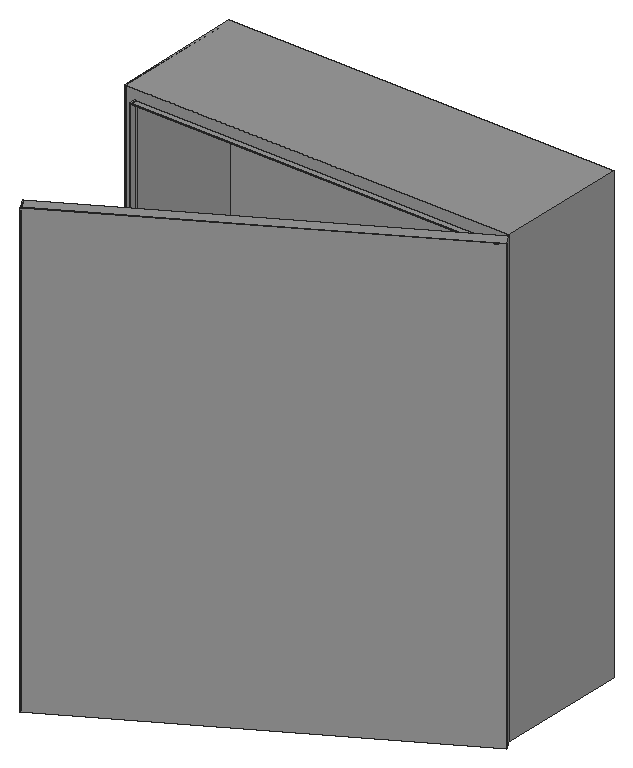
Revit family "Hager-Univers-IP54-D205-H650-Cl.I-Encl-NoHosted-AT-de", category Equipement électrique, Revit 2020
Family settings
  Configuration du panneau = Deux colonnes, circuits au sein
  Cote de connecteur circulaire = Utiliser le diamètre
  Type d'élément = Tableau de raccordement
  Basée sur le plan de construction = Oui
  Toujours verticalement = Oui
  Couper avec des vides une fois chargée = Non
  Partagée = Non
  Point de calcul de pièce = Non
Parameters (values of type "Aufputz IP54 B550 H650 T205  - FP42TW2")
  Width Control [instance] = if([EF000008 - Breite] > Min Width, [EF000008 - Breite], Min Width)  # 550 mm
  Commentaires du type = [HG000003 - Bereich]  # "Univers"
  Thickness Door [instance] = if([EF009171 - Materialstärke Tür/Deckel] > 3 mm, 3 mm, [EF009171 - Materialstärke Tür/Deckel])  # 1 mm
  Seal Frame Offset [instance] = 17 mm  # constant formula
  Plinth Visibility [instance] = [HG000027 - Sockelhöhe] > 0 mm  # no
  Min Width [instance] = 100 mm  # constant formula
  Min Depth [instance] = (2 * [EF009170 - Materialstärke Gehäuse]) + 1 mm  # 3 mm
  Min Height [instance] = 100 mm  # constant formula
  Internal Frame Depth [instance] = (Door System Depth * 0.5)  # 9 mm
  Panel Name [instance] = ""  # (empty or 0)
  Model = ""
  HG000027 - Sockelhöhe = 0 mm
  HG000026 - Stehend auf dem Boden = no
  HG000024 - Höhe des unteren Teils = 600 mm
  HG000023 - Gehäuse mit doppeltem Querschnitt = no
  HG000016 - 3D-Türsichtbarkeit [instance] = yes
  HG000015 - Sichtbarkeit der Türöffnung [instance] = no
  HG000014 - Tür rechts [instance] = yes
  HG000013 - Tür links [instance] = not([HG000014 - Tür rechts])  # no
  HG000012 - Türschwenkwinkel [instance] = 30.00°
  HG000010 - Asymmetrische Türen = no
  HG000009 - Doppelflügeligen Tür = no
  HG000006 - Unterputz = no
  HG000004 - Herstellerreferenz = "FP42TW2"
  HG000003 - Bereich = "Univers"
  HG000002 - Mit tür = yes
  Frame Offset Bottom [instance] = 10 mm  # constant formula
  Frame Offset [instance] = 15 mm  # constant formula
  EF015940 - Deckel mit Überdruckentlastung = no
  EF011959 - Schutzart (NEMA) = ""
  EF009554 - Anzahl der Öffnungen für Flanschplatten = 4
  EF009212 - Ausführung Deckel = "EV000116 - geschlossen"
  EF009171 - Materialstärke Tür/Deckel = 1 mm
  EF009170 - Materialstärke Gehäuse = 1 mm
  EF008873 - Nennstrom (In) = 250 A
  EF007800 - Geeignet für Blitzschutz = no
  EF006306 - Mit Schloss = no
  EF006244 - Transparenter Deckel/Tür = no
  EF005474 - Schutzart (IP) = "EV006419 - IP54"
  EF004464 - Art der Tür = "EV002646 - Einzel"
  EF004427 - Anzahl der Module = 96
  EF004293 - Schlagfestigkeit = "EV006815 - IK09"
  EF003532 - Geeignet für Außengebrauch = no
  EF002950 - Breite in Teilungseinheiten = 24
  EF001613 - Funktionserhalt = "EV000494 - ohne"
  EF001596 - Werkstoff des Gehäuses = "EV000179 - Stahl"
  EF001131 - Innentiefe = 205 mm
  EF001088 - Anbaumöglichkeit = yes
  EF000437 - Anzahl der Leitungseinführungen = 4
  EF000339 - Art der Abdeckung = "EV001012 - Deckel"
  EF000266 - Anzahl der Reihen = 4
  EF000218 - Einbautiefe = 205 mm
  EF000118 - Mit Montageplatte = no
  EF000116 - RAL-Nummer = "9010"
  EF000049 - Tiefe = 205 mm
  EF000040 - Höhe = 650 mm
  EF000008 - Breite = 550 mm
  EF000007 - Farbe = "EV000202 - weiß"
  EF000003 - Montageart = "EV000384 - Aufputz"
  Door System Leaf Tolerance [instance] = 1.5 mm  # constant formula
  Door System Depth [instance] = 18 mm  # constant formula
  Door Height [instance] = Height Control - [HG000027 - Sockelhöhe]  # 650 mm
  Description = ""
  Default Elevation = 1219.2 mm
  Connector Offset [instance] = Height Control / 2  # 325 mm
  Fabricant = "Hager"  # constant formula
  Height Control [instance] = if([EF000040 - Höhe] > Min Height, [EF000040 - Höhe], Min Height)  # 650 mm
  Depth Control [instance] = if([EF000049 - Tiefe] > Min Depth, [EF000049 - Tiefe], Min Depth)  # 205 mm
  Bottom Top Plate Trim [instance] = 1.5 mm  # constant formula
  Plinth height Ctrl [instance] = if([HG000027 - Sockelhöhe] > 0 mm, [HG000027 - Sockelhöhe], 12 mm)  # 12 mm
Types (3, lengths in mm): name | Width Control | HG000004 - Herstellerreferenz | EF009554 - Anzahl der Öffnungen für Flanschplatten | EF004464 - Art der Tür | EF004427 - Anzahl der Module | EF002950 - Breite in Teilungseinheiten | EF000437 - Anzahl der Leitungseinführungen | EF000008 - Breite
  Aufputz IP54 B1050 H650 T205  - FP44TW2 | 1050 | "FP44TW2" | 8 | "EV003602 - Doppel" | 192 | 48 | 8 | 1050
  Aufputz IP54 B1300 H650 T205  - FP45TW2 | 1300 | "FP45TW2" | 10 | "EV003602 - Doppel" | 240 | 60 | 10 | 1300
  Aufputz IP54 B550 H650 T205  - FP42TW2 | 550 | "FP42TW2" | 4 | "EV002646 - Einzel" | 96 | 24 | 4 | 550
Reference planes
  plane 1 "Center (Front/Back)": y = 0
  plane 2: z = 0
  plane 3 "Center (Left/Right)": x = 0
  plane 4: y = 0
  plane 5: y = 0
  plane 6: z = 0
  plane 7: x = -275
  plane 8: x = 275
  plane 9: x = 274
  plane 10: x = -274
  plane 11: z = 0
  plane 12: z = 1
  plane 13: y = -205
  plane 14: y = -1
  plane 15: x = 0
  plane 16: y = -187
  plane 17: y = -204
  plane 18: y = -186
  plane 19: x = -259
  plane 20: x = 259
  plane 21: z = 11
  plane 22: x = -258
  plane 23: x = 258
  plane 24: z = 0
  plane 25: z = 650
  plane 26: z = 650
  plane 27: z = 634
  plane 28: z = 649
Forms (mm)
  Extrusion 1, solid, material "Hager_Steel_RAL7035_Light_Grey", detail levels medium+fine
    sketch origin (-208.679, -4572, 0) x (-1, 0, 0) y (0, -1, 0)
      loop
        line (66.321, -4385) -> (-483.679, -4385) -> (-483.679, -4572) -> (66.321, -4572) -> (66.321, -4385)
    from 0 to 650
  Extrusion 2, void
    sketch origin (-350.771, -205, 1219.2) x (1, 0, 0) y (0, 0, 1)
      loop
        line (76.771, -570.2) -> (76.771, -1218.2) -> (624.771, -1218.2) -> (624.771, -570.2) -> (76.771, -570.2)
    from -19 to -204
  Extrusion 3, void
    sketch origin (-290.084, -187, 1219.2) x (1, 0, 0) y (0, 0, 1)
      loop
        line (31.084, -1208.2) -> (549.084, -1208.2) -> (549.084, -585.2) -> (31.084, -585.2) -> (31.084, -1208.2)
    from 0 to -1
  Extrusion 4, solid, material "Hager_Steel_RAL7035_Light_Grey", visible <- "Plinth Visibility", detail levels medium+fine
    sketch origin (0, 0, 0) x (1, 0, 0) y (0, 1, 0)
      loop
        line (-275, 0) -> (-275, -187) -> (275, -187) -> (275, 0) -> (-275, 0)
    from 0 to 12 <- "Plinth height Ctrl"
  Extrusion 5, solid, material "Hager_Steel_RAL7035_Light_Grey", detail levels coarse
    sketch origin (0, 0, 0) x (1, 0, 0) y (0, 1, 0)
      loop
        line (-275, 0) -> (-275, -205) -> (275, -205) -> (275, 0) -> (-275, 0)
    from 0 to 650 <- "Height Control"
  Sweep 6, void
    path in 3D
      loop
        line (-275, -187, 12) -> (275, -187, 12) -> (275, 0, 12) -> (-275, 0, 12) -> (-275, -187, 12)
    profile origin (-275, -93.5, 12) x (1, 0, 0) y (0, 0, 1)
      loop
        line (0, 0) -> (0, -1.5) -> (1.5, -1.5)
        arc (1.5, -1.5) -> (1.061, -0.439) -> (0, 0) r 1.5
  Extrusion 7, solid, material "Hager_Steel_RAL7035_Light_Grey", detail levels fine
    sketch origin (-275, -187, 0) x (1, 0, 0) y (0, 0, 1)
      loop
        line (16, 11) -> (534, 11) -> (534, 634) -> (16, 634) -> (16, 11)
      loop
        line (15, 10) -> (535, 10) -> (535, 635) -> (15, 635) -> (15, 10)
    from 0 to 9 <- "Internal Frame Depth"
Cuts and joins
  Extrusion 2, Extrusion 3 cuts Extrusion 1
  Sweep 6 cuts Extrusion 4
Lines and regions (mm)
  Masking region 1
    outline origin (0, 0, 0) x (1, 0, 0) y (0, 1, 0)
      loop
        line (-275, 0) -> (-275, -205) -> (275, -205) -> (275, 0) -> (-275, 0)
  Masking region 2, detail levels coarse
    outline origin (-290.084, -187, 1219.2) x (-1, 0, 0) y (0, 0, 1)
      loop
        line (-565.084, -1219.2) -> (-15.084, -1219.2) -> (-15.084, -569.2) -> (-565.084, -569.2) -> (-565.084, -1219.2)
  Masking region 3, detail levels coarse
    outline origin (0, 0, 0) x (0, 1, 0) y (0, 0, 1)
      loop
        line (0, 0) -> (0, 650) -> (-205, 650) -> (-205, 0) -> (0, 0)
  Masking region 4, visible <- "Plinth Visibility", detail levels medium+fine
    outline origin (0, 0, 0) x (0, 1, 0) y (0, 0, 1)
      loop
        line (-1.5, 12) -> (-185.5, 12)
        arc (-185.5, 12) -> (-185.939, 10.939) -> (-187, 10.5) r 1.5
        line (-187, 10.5) -> (-187, 0) -> (0, 0) -> (0, 10.5)
        arc (0, 10.5) -> (-1.061, 10.939) -> (-1.5, 12) r 1.5
  Masking region 5, detail levels medium+fine
    outline origin (0, 0, 594.038) x (0, 1, 0) y (0, 0, 1)
      loop
        line (0, -594.038) -> (0, 55.962) -> (-187, 55.962) -> (-187, -594.038) -> (0, -594.038)
  Masking region 6, detail levels medium+fine
    outline origin (-359.7, -187, 1211.883) x (-1, 0, 0) y (0, 0, 1)
      loop
        line (-634.7, -1211.883) -> (-84.7, -1211.883) -> (-84.7, -561.883) -> (-634.7, -561.883) -> (-634.7, -1211.883)
  Masking region 7, visible <- "Plinth Visibility", detail levels medium+fine
    outline origin (-320.334, -187, 1041.368) x (-1, 0, 0) y (0, 0, 1)
      loop
        line (-595.334, -1041.368) -> (-45.334, -1041.368) -> (-45.334, -1030.868)
        arc (-45.334, -1030.868) -> (-46.394, -1030.429) -> (-46.834, -1029.368) r 1.5
        line (-46.834, -1029.368) -> (-593.834, -1029.368)
        arc (-593.834, -1029.368) -> (-594.273, -1030.429) -> (-595.334, -1030.868) r 1.5
        line (-595.334, -1030.868) -> (-595.334, -1041.368)
  sketch lines
    curve 1: line (-275, 0, 12) -> (-275, -187, 12)
    curve 2: line (-275, -187, 12) -> (275, -187, 12)
    curve 3: line (275, 0, 12) -> (-275, 0, 12)
    curve 4: line (275, -187, 12) -> (275, 0, 12)
Dimensions and locks
  locked: plane 1 "Center (Front/Back)" to plane 5
  "EF009170 - Materialstärke Gehäuse": plane 7 to plane 10
  "EF009170 - Materialstärke Gehäuse": plane 8 to plane 9
  equal spacing: plane 7, plane 3 "Center (Left/Right)", plane 8
  "Width Control": plane 7 to plane 8
  "Depth Control": plane 4 to plane 13
  "EF009170 - Materialstärke Gehäuse": plane 4 to plane 14
  "Height Control": plane 25 to level
  "HG000027 - Sockelhöhe": plane 11 to level
  "EF009170 - Materialstärke Gehäuse": plane 12 to plane 11
  "EF009170 - Materialstärke Gehäuse": plane 17 to plane 13
  "EF009170 - Materialstärke Gehäuse": plane 18 to plane 16
  "Frame Offset Bottom": plane 21 to plane 12
  "Frame Offset": plane 10 to plane 19
  "Frame Offset": plane 9 to plane 20
  "Door System Depth": plane 16 to plane 13
  "Seal Frame Offset": plane 7 to plane 22
  "Seal Frame Offset": plane 8 to plane 23
  "EF009170 - Materialstärke Gehäuse": plane 26 to plane 28
  "Frame Offset": plane 28 to plane 27
  "Connector Offset": plane 2 to connector elem
  "Bottom Top Plate Trim": profile plane to Sweep 6 sketch curve
  "Bottom Top Plate Trim": Sweep 6 sketch curve to Sweep 6 sketch curve
  "Plinth height Ctrl": Masking region 4 sketch curve to level
  "Plinth height Ctrl": Masking region 7 sketch curve to level
  "Thickness Door": Extrusion 7 sketch curve to Extrusion 7 sketch curve  (x4)
  "Bottom Top Plate Trim": radius of Sweep 6 sketch curve
  "Bottom Top Plate Trim": radius of Masking region 4 sketch curve  (x2)
  "Bottom Top Plate Trim": radius of Masking region 7 sketch curve  (x2)
  aligned and locked: Extrusion 2 sketch curve to plane 12
  aligned and locked: Extrusion 2 sketch curve to plane 9
  aligned and locked: Extrusion 2 sketch curve to plane 10
  aligned and locked: plane 14 to Extrusion 2
  aligned and locked: plane 4 to Extrusion 1 sketch curve
  aligned and locked: plane 8 to Extrusion 1 sketch curve
  aligned and locked: plane 7 to Extrusion 1 sketch curve
  aligned and locked: Extrusion 2 to plane 18
  aligned and locked: Extrusion 3 sketch curve to plane 19
  aligned and locked: plane 20 to Extrusion 3 sketch curve
  aligned and locked: Extrusion 3 to Extrusion 2
  aligned and locked: Extrusion 3 sketch curve to plane 21
  aligned and locked: plane 3 "Center (Left/Right)" to nested 1
  aligned and locked: Extrusion 1 sketch curve to plane 16
  aligned and locked: Extrusion 4 sketch curve to cut or joined group of Extrusion 1, Extrusion 2, Extrusion 3
  aligned and locked: Masking region 1 sketch curve to plane 7
  aligned and locked: Masking region 1 sketch curve to plane 5
  aligned and locked: Masking region 1 sketch curve to plane 8
  aligned and locked: Masking region 2 sketch curve to level
  aligned and locked: level to Masking region 3 sketch curve
  aligned and locked: plane 1 "Center (Front/Back)" to Masking region 3 sketch curve
  aligned and locked: plane 13 to Masking region 3 sketch curve
  aligned and locked: plane 5 to Masking region 4 sketch curve
  aligned and locked: Masking region 2 sketch curve to plane 8
  aligned and locked: Masking region 2 sketch curve to plane 7
  aligned and locked: plane 7 to nested 2
  aligned and locked: nested 2 to plane 5
  aligned and locked: plane 5 to Masking region 5 sketch curve
  aligned and locked: plane 26 to Masking region 5 sketch curve
  aligned and locked: Extrusion 5 sketch curve to plane 8
  aligned and locked: Extrusion 5 sketch curve to plane 7
  aligned and locked: Extrusion 5 sketch curve to plane 5
  aligned and locked: Extrusion 3 sketch curve to plane 27
  aligned and locked: Extrusion 2 sketch curve to plane 28
  aligned and locked: Masking region 2 to plane 25
  aligned and locked: Extrusion 4 to plane 16
  aligned and locked: profile plane to Sweep 6 sketch curve
  aligned and locked: Masking region 5 sketch curve to plane 24
  aligned and locked: level to Masking region 4 sketch curve
  aligned and locked: Masking region 1 to plane 13
  aligned and locked: nested 1 to plane 16
  aligned and locked: Masking region 3 to plane 25
  aligned and locked: plane 16 to Masking region 4 sketch curve
  aligned and locked: Masking region 5 sketch curve to plane 16
  aligned and locked: plane 24 to plane 11
  aligned and locked: plane 26 to plane 25
  aligned and locked: plane 26 to cut or joined group of Extrusion 1, Extrusion 2, Extrusion 3
  aligned and locked: nested 1 to plane 24
  aligned and locked: Extrusion 1 to Extrusion 3
  aligned and locked: Masking region 6 sketch curve to plane 8
  aligned and locked: Masking region 6 sketch curve to plane 24
  aligned and locked: Masking region 6 sketch curve to plane 7
  aligned and locked: Masking region 6 sketch curve to plane 26
  aligned and locked: Masking region 7 sketch curve to plane 7
  aligned and locked: level to Masking region 7 sketch curve
  aligned and locked: Masking region 7 sketch curve to plane 8
  aligned and locked: Extrusion 7 sketch curve to cut or joined group of Extrusion 1, Extrusion 2, Extrusion 3  (x4)
Automatic sketch dimensions
  plane 19 to Extrusion 3 sketch curve = 0 mm
  Extrusion 3 sketch curve to plane 20 = 0 mm
  Extrusion 3 sketch curve to plane 21 = 0 mm
  Extrusion 4 sketch curve to plane 7 = 0 mm
  Extrusion 4 sketch curve to plane 8 = 0 mm
  Extrusion 4 sketch curve to plane 16 = 0 mm
  Masking region 1 sketch curve to plane 13 = 0 mm
  Masking region 2 sketch curve to plane 25 = 0 mm
  Masking region 3 sketch curve to plane 25 = 0 mm
  Extrusion 5 sketch curve to plane 13 = 0 mm
  profile plane to Sweep 6 sketch curve = 0 mm
Nested families
  nested 1: "EC000058_Univers_Door" at (0, -187, 0), Double <- "HG000009 - Doppelflügeligen Tür", Transparent <- "EF006244 - Transparenter Deckel/Tür", Angle <- "HG000012 - Türschwenkwinkel", Door_Right <- "HG000014 - Tür rechts", Assymetrical <- "HG000010 - Asymmetrische Türen", Door <- "HG000002 - Mit tür", Width_Ctrl <- "Width Control", 3d_Door <- "HG000016 - 3D-Türsichtbarkeit", Clearance <- "HG000015 - Sichtbarkeit der Türöffnung", Door_Left <- "HG000013 - Tür links", Width <- "Width Control", Door_Depth <- "Door System Depth", Leaf_Tolerance <- "Door System Leaf Tolerance", Height <- "Door Height", Lock_Visibility <- "EF006306 - Mit Schloss", Thickness <- "Thickness Door", type "EC000058_Univers_Door", detail levels medium+fine
    with min_wh 3 mm, Width_Ctrl 550 mm, Width 550 mm, Transparent no, Thickness 1 mm, Seal_Material Hager_Rubber, Lock_Visibility no, Lock_Material Hager_Plastic_RAL9005_Jet_Black, Leaf_Width 550 mm, Leaf_Tolerance_External_Sides 0 mm, Leaf_Tolerance 1.5 mm, Leaf_Offset 0 mm, Leaf_Height 647 mm, Leaf_2_Width 550 mm, Leaf_2_Offset 275 mm, Leaf_1_Width 550 mm, Leaf_1_Offset 275 mm, Height_Ctrl 650 mm, Height 650 mm, Glass_Material Hager_Glass, Double_Clearance_Ctrl no, Double no, Door_Right_Ctrl yes, Door_Right yes, Door_Material Hager_Steel_RAL7035_Light_Grey, Door_Left_Ctrl no, Door_Left no, Door_Depth 18 mm, Door yes, Clearance_Material Hager_Clearance, Clearance_Depth 550 mm, Clearance_Ctrl no, Clearance no, Assymetrical no, Angle 30.00°, 3d_Door yes
  nested 2: "Hager_Enclosure_Symbol" at (-275, 0, 0), Height <- "Depth Control", Width <- "Width Control", type "Hager_Enclosure_Symbol"
    with Width_Ctrl 550 mm, Width 550 mm, Height_Ctrl 205 mm, Height 205 mm, A_Width_Int 13.453 mm, A_Width 161.438 mm, A_Height_Ctrl 179.375 mm, A_Height 179.375 mm
Connectors
  electrical at (0, 0, 325)
    settings: on plane 1 "Center (Front/Back)", index 1, voltage 0 V, apparent load 0 VA, apparent load phase1 0 VA, apparent load phase2 0 VA, apparent load phase3 0 VA, power factor 1, load classification "Other", number of poles 1, system type 30, power factor state 1, is connector primary yes, connector utility no, sub classification motor no, connector description ""
Definition of nested family "EC000058_Univers_Door"
  Parameters (values of type "EC000058_Univers_Door")
    min_wh [instance] = (2 * Thickness) + 1 mm  # 11 mm
    Width_Ctrl [instance] = 400 mm
    Width [instance] = 500 mm
    Transparent [instance] = yes
    Thickness [instance] = 5 mm
    Seal_Material [instance] = none
    Lock_Visibility [instance] = yes
    Lock_Material [instance] = none
    Leaf_Width [instance] = if((Width_Ctrl - 2 * Leaf_Tolerance_External_Sides) > 0 mm, (Width_Ctrl - 2 * Leaf_Tolerance_External_Sides), min_wh)  # 400 mm
    Leaf_Tolerance_External_Sides [instance] = 0 mm  # constant formula
    Leaf_Tolerance [instance] = 1.5 mm
    Leaf_Offset [instance] = 0 mm  # constant formula
    Leaf_Height [instance] = if((Height_Ctrl - 2 * Leaf_Tolerance) > 0 mm, (Height_Ctrl - 2 * Leaf_Tolerance), min_wh)  # 497 mm
    Leaf_2_Width [instance] = if(and(and(Double, Assymetrical), Door_Left), (Leaf_Width / 3) - (Leaf_Tolerance / 2), if(and(and(Double, Assymetrical), Door_Right), (Leaf_Width / 3) * 2 - (Leaf_Tolerance / 2), if(and(Double, not(Assymetrical)), (Leaf_Width / 2) - Leaf_Tolerance, Leaf_Width)))  # 400 mm
    Leaf_2_Offset [instance] = if(and(Double, Assymetrical), Leaf_2_Width / 2, if(and(Double, not(Assymetrical)), Leaf_Width / 4, Leaf_Width / 2))  # 200 mm
    Leaf_1_Width [instance] = if(and(and(Double, Assymetrical), Door_Right), (Leaf_Width / 3) - (Leaf_Tolerance / 2), if(and(and(Double, Assymetrical), Door_Left), (Width / 3) * 2 - (Leaf_Tolerance / 2), if(and(Double, not(Assymetrical)), (Leaf_Width / 2) - Leaf_Tolerance, Leaf_Width)))  # 400 mm
    Leaf_1_Offset [instance] = if(and(Double, Assymetrical), Leaf_1_Width / 2, if(and(Double, not(Assymetrical)), Leaf_Width / 4, Leaf_Width / 2))  # 200 mm
    Height_Ctrl [instance] = if(Height > min_wh, Height, min_wh)  # 500 mm
    Height [instance] = 500 mm
    Glass_Material [instance] = none
    Double_Clearance_Ctrl [instance] = and(Double, Clearance)  # no
    Double [instance] = no
    Door_Right_Ctrl [instance] = and(or(Door_Right, Double), Door)  # yes
    Door_Right [instance] = yes
    Door_Material [instance] = none
    Door_Left_Ctrl [instance] = and(or(Door_Left, Double), Door)  # no
    Door_Left [instance] = no
    Door_Depth [instance] = 30 mm
    Door [instance] = yes
    Default Elevation = 1219.2 mm
    Clearance_Material [instance] = none
    Clearance_Depth [instance] = if(Leaf_1_Width > Leaf_2_Width, Leaf_1_Width, Leaf_2_Width)  # 400 mm
    Clearance_Ctrl [instance] = and(not(Double), Clearance)  # yes
    Clearance [instance] = yes
    Assymetrical [instance] = yes
    Angle [instance] = 30.00°
    3d_Door [instance] = yes
  Reference planes
    plane 1 "Center (Front/Back)": y = 0
    plane 2 "Bottom": z = 0
    plane 3 "Center (Left/Right)": x = 0
    plane 4: z = 500
    plane 5: x = -200
    plane 6: x = 200
    plane 7: z = 500
    plane 8: x = -200
    plane 9: z = 0
    plane 10: x = 200
    plane 11: y = 0
    plane 12: z = 1.5
    plane 13: x = -600
    plane 14: y = -400
    plane 15: x = 600
    plane 16: x = 0
    plane 17: x = 0
    plane 18: x = -200
    plane 19: x = 200
    plane 20: z = 498.5
  Forms (mm)
    Extrusion 1, solid, material <- "Clearance_Material", visible <- "Double_Clearance_Ctrl"
      sketch origin (1200, 0, 0) x (1, 0, 0) y (0, 0, -1)
        loop
          line (-1800, -498.5) -> (-600, -498.5) -> (-600, 0) -> (-1800, 0) -> (-1800, -498.5)
      from 0 to -400
  Dimensions and locks
    equal spacing: plane 5, plane 3 "Center (Left/Right)", plane 6
    "Width_Ctrl": plane 5 to plane 6
    "Leaf_Offset": plane 5 to plane 8
    "Leaf_Offset": plane 6 to plane 10
    "Leaf_Offset": plane 9 to level
    "Leaf_Offset": plane 4 to plane 7
    "Height_Ctrl": plane 4 to level
    "Leaf_Tolerance": plane 12 to plane 9
    locked: plane 11 to plane 1 "Center (Front/Back)"
    "Leaf_1_Offset": plane 18 to plane 16
    "Leaf_2_Offset": plane 17 to plane 19
    "Leaf_1_Width": plane 13 to plane 8
    "Leaf_2_Width": plane 10 to plane 15
    "Clearance_Depth": plane 14 to plane 1 "Center (Front/Back)"
    "Leaf_Tolerance_External_Sides": plane 8 to plane 18
    "Leaf_Tolerance_External_Sides": plane 19 to plane 10
    "Leaf_Tolerance": plane 7 to plane 20
    aligned and locked: level to plane 2 "Bottom"
    aligned and locked: nested 1 to plane 16
    aligned and locked: nested 2 to plane 17
    aligned and locked: Extrusion 1 to plane 13
    aligned and locked: plane 15 to Extrusion 1
    aligned and locked: Extrusion 1 to plane 14
    aligned and locked: plane 12 to nested 1
    aligned and locked: nested 2 to plane 12
    aligned and locked: Extrusion 1 to plane 11
    aligned and locked: plane 20 to Extrusion 1
    aligned and locked: nested 2 to plane 11
    aligned and locked: nested 1 to plane 11
  Automatic sketch dimensions
    Extrusion 1 sketch curve to level = 0 mm
    plane 5 to Extrusion 1 sketch curve = 400 mm
    plane 6 to Extrusion 1 sketch curve = 400 mm
    Extrusion 1 sketch curve to plane 4 = 1.5 mm
  Nested families
    nested 1: "EC000058_Univers_Door_Leaf" at (0, 0, 1.5), Width <- "Leaf_1_Width", visible <- "Door_Left_Ctrl", Leaf_Height <- "Leaf_Height", Angle <- "Angle", 3d_Door <- "3d_Door", Transparent <- "Transparent", Clearance Material <- "Clearance_Material", Clearance <- "Clearance_Ctrl", Door_Material <- "Door_Material", Glass_Material <- "Glass_Material", Door_Depth <- "Door_Depth", Lock_Material <- "Lock_Material", Seal_Material <- "Seal_Material", Lock_Visibility <- "Lock_Visibility", Thickness <- "Thickness", type "EC000058_Univers_Door_Leaf"
      with Width 400 mm, Transparent_Glass_Offset 30 mm, Transparent_Ctrl yes, Transparent yes, Thickness 5 mm, Standard no, Seal_Material none, Seal_D2 8 mm, Seal_D1 1 mm, Offset_Internal_Frame 10 mm, Lock_Width 20 mm, Lock_Visibility_3d yes, Lock_Visibility yes, Lock_Thickness_3 3 mm, Lock_Thickness_2 1 mm, Lock_Thickness_1 3 mm, Lock_Radius_Offset_2 16 mm, Lock_Radius_Offset_1 15 mm, Lock_Radius_2 5 mm, Lock_Radius 6 mm, Lock_Offset 5 mm, Lock_Material none, Lock_Height 80 mm, Lock_Cover_Top_Offset_2d 17 mm, Lock_Cover_Height -65 mm, Leaf_Height 497 mm, Internal_Seal_Thickness 8 mm, Internal_Seal_Depth_2 4.5 mm, Internal_Frame_Depth 25 mm, Glass_Thickness -1 mm, Glass_Offset -2 mm, Glass_Material none, Door_Material none, Door_Depth 30 mm, Clearance Material none, Clearance yes, Angle_Ctrl 30.00°, Angle 30.00°, 3d_Door yes
    nested 2: "EC000058_Univers_Door_Leaf" at (0, 0, 1.5) x (-1, 0, 0) z (0, 0, 1), Width <- "Leaf_2_Width", visible <- "Door_Right_Ctrl", Leaf_Height <- "Leaf_Height", Angle <- "Angle", 3d_Door <- "3d_Door", Transparent <- "Transparent", Clearance Material <- "Clearance_Material", Clearance <- "Clearance_Ctrl", Door_Material <- "Door_Material", Glass_Material <- "Glass_Material", Door_Depth <- "Door_Depth", Lock_Material <- "Lock_Material", Seal_Material <- "Seal_Material", Lock_Visibility <- "Lock_Visibility", Thickness <- "Thickness", type "EC000058_Univers_Door_Leaf"
      with Width 400 mm, Transparent_Glass_Offset 30 mm, Transparent_Ctrl yes, Transparent yes, Thickness 5 mm, Standard no, Seal_Material none, Seal_D2 8 mm, Seal_D1 1 mm, Offset_Internal_Frame 10 mm, Lock_Width 20 mm, Lock_Visibility_3d yes, Lock_Visibility yes, Lock_Thickness_3 3 mm, Lock_Thickness_2 1 mm, Lock_Thickness_1 3 mm, Lock_Radius_Offset_2 16 mm, Lock_Radius_Offset_1 15 mm, Lock_Radius_2 5 mm, Lock_Radius 6 mm, Lock_Offset 5 mm, Lock_Material none, Lock_Height 80 mm, Lock_Cover_Top_Offset_2d 17 mm, Lock_Cover_Height -65 mm, Leaf_Height 497 mm, Internal_Seal_Thickness 8 mm, Internal_Seal_Depth_2 4.5 mm, Internal_Frame_Depth 25 mm, Glass_Thickness -1 mm, Glass_Offset -2 mm, Glass_Material none, Door_Material none, Door_Depth 30 mm, Clearance Material none, Clearance yes, Angle_Ctrl 30.00°, Angle 30.00°, 3d_Door yes
  Definition of nested family "EC000058_Univers_Door_Leaf"
    Parameters (values of type "EC000058_Univers_Door_Leaf")
      Width [instance] = 2000 mm
      Transparent_Glass_Offset [instance] = 30 mm
      Transparent_Ctrl [instance] = and(Transparent, [3d_Door])  # yes
      Transparent [instance] = yes
      Thickness [instance] = 5 mm
      Standard [instance] = and(not(Transparent), [3d_Door])  # no
      Seal_Material [instance] = none
      Seal_D2 [instance] = 8 mm  # constant formula
      Seal_D1 [instance] = 1 mm  # constant formula
      Offset_Internal_Frame [instance] = 10 mm  # constant formula
      Lock_Width [instance] = 20 mm  # constant formula
      Lock_Visibility_3d [instance] = and(Lock_Visibility, [3d_Door])  # yes
      Lock_Visibility [instance] = yes
      Lock_Thickness_3 [instance] = 3 mm  # constant formula
      Lock_Thickness_2 [instance] = 1 mm  # constant formula
      Lock_Thickness_1 [instance] = 3 mm  # constant formula
      Lock_Radius_Offset_2 [instance] = Lock_Radius_Offset_1 + 1 mm  # 16 mm
      Lock_Radius_Offset_1 [instance] = 15 mm  # constant formula
      Lock_Radius_2 [instance] = Lock_Radius - 1 mm  # 5 mm
      Lock_Radius [instance] = 6 mm  # constant formula
      Lock_Offset [instance] = 5 mm  # constant formula
      Lock_Material [instance] = none
      Lock_Height [instance] = 80 mm  # constant formula
      Lock_Cover_Top_Offset_2d [instance] = Lock_Radius_Offset_2 + 1 mm  # 17 mm
      Lock_Cover_Height [instance] = -(Lock_Height - Lock_Radius_Offset_1)  # -65 mm
      Leaf_Height [instance] = 2720.336 mm
      Internal_Seal_Thickness [instance] = 8 mm  # constant formula
      Internal_Seal_Depth_2 [instance] = 4.5 mm  # constant formula
      Internal_Frame_Depth [instance] = if(Door_Depth - Thickness > 5 mm, Door_Depth - Thickness, 5 mm)  # 25 mm
      Glass_Thickness [instance] = if(Thickness > 15 mm, Glass_Offset + 10 mm, -1 mm)  # -1 mm
      Glass_Offset [instance] = if(Thickness > 15 mm, -(Thickness + 10 mm) / 2, -2 mm)  # -2 mm
      Glass_Material [instance] = none
      Door_Material [instance] = none
      Door_Depth [instance] = 30 mm
      Default Elevation = 0 mm
      Clearance Material [instance] = none
      Clearance [instance] = yes
      Angle_Ctrl [instance] = if(Angle > 180.00°, 180.00°, Angle)  # 90.00°
      Angle [instance] = 90.00°
      3d_Door [instance] = yes
    Reference planes
      plane 1 "Center (Front/Back)": y = 0
      plane 2: z = 0
      plane 3 "Center (Left/Right)": x = 0
      plane 4: y = 2000
      plane 5: x = -1000
      plane 6: x = 1000
      plane 7: x = -3000
      plane 8: z = 2720.336
      plane 9: z = 30
      plane 10: z = 2690.336
      plane 11: x = 970
      plane 12: x = -970
      plane 13: y = -3
      plane 14: z = 107.833
      plane 15: y = -5
      plane 16: y = -223.314
      plane 17: x = -1000
      plane 18: z = 1360.168
      plane 19: y = 30
    Forms (mm)
      Extrusion 1, solid, material <- "Clearance Material", visible <- "Clearance"
        sketch origin (0, 0, 0) x (1, 0, 0) y (0, 0, 1)
          loop
            line (-3000, 2720.336) -> (-3000, 0) -> (1000, 0) -> (1000, 2720.336) -> (-3000, 2720.336)
        from 0 to -2000
      Extrusion 2, solid, material <- "Door_Material", visible <- "Standard", detail levels medium+fine
        sketch origin (-1000, 0, 0) x (0, 1, 0) y (-1, 0, 0)
          loop
            line (0, 30) -> (0, 25) -> (2000, 25) -> (2000, 30) -> (0, 30)
        from 0 to 2720.336 <- "Leaf_Height"
      Extrusion 3, solid, material <- "Door_Material", visible <- "Transparent_Ctrl", detail levels medium+fine
        sketch origin (-1000, 0, 0) x (0, 1, 0) y (-1, 0, 0)
          loop
            line (0, 25) -> (2000, 25) -> (2000, 30) -> (0, 30) -> (0, 25)
        from 0 to 2720.336 <- "Leaf_Height"
      Extrusion 4, void
        sketch origin (-1025, 2000, 0) x (0, 1, 0) y (0, 0, -1)
          loop
            line (-30, -2690.336) -> (-30, -30) -> (-1970, -30) -> (-1970, -2690.336) -> (-30, -2690.336)
        from 0 to 5 <- "Thickness"
      Sweep 5, solid, material <- "Seal_Material", visible <- "Transparent_Ctrl", detail levels fine
        path in 3D
          loop
            line (-1025, 30, 30) -> (-1025, 30, 2690.336) -> (-1025, 1970, 2690.336) -> (-1025, 1970, 30) -> (-1025, 30, 30)
        profile origin (-1025, 1000, 30) x (1, 0, 0) y (0, 0, 1)
          loop
            line (0, 0) -> (0, -8) -> (1, -8) -> (1, 0) -> (0, 0)
      Extrusion 6, solid, material <- "Glass_Material", visible <- "Transparent_Ctrl", detail levels medium+fine
        sketch origin (-1030, 0, 0) x (0, 1, 0) y (0, 0, -1)
          loop
            line (1970, -2690.336) -> (1970, -30) -> (30, -30) -> (30, -2690.336) -> (1970, -2690.336)
        from -2 <- "Glass_Offset" to -1 <- "Glass_Thickness"
      Extrusion 7, solid, material <- "Door_Material", visible <- "3d_Door", detail levels medium+fine
        sketch origin (-1025, 2000, 0) x (0, -1, 0) y (0, 0, -1)
          loop
            line (0, -2720.336) -> (2000, -2720.336) -> (2000, 0) -> (0, 0) -> (0, -2720.336)
          loop
            line (1995, -5) -> (5, -5) -> (5, -2715.336) -> (1995, -2715.336) -> (1995, -5)
        from 0 to 25 <- "Internal_Frame_Depth"
      Sweep 8, solid, material <- "Seal_Material", visible <- "Transparent_Ctrl", detail levels fine
        path in 3D
          loop
            line (-1025, 0, 0) -> (-1025, 2000, 0) -> (-1025, 2000, 2720.336) -> (-1025, 0, 2720.336) -> (-1025, 0, 0)
        profile origin (-1025, 0, 1360.168) x (1, 0, 0) y (0, 1, 0)
          loop
            line (0, 10) -> (2.975, 10)
            arc (2.975, 10) -> (4.053, 10.447) -> (4.5, 11.525) r 1.525
            line (4.5, 11.525) -> (4.5, 16.527)
            arc (4.5, 16.527) -> (4.069, 17.569) -> (3.027, 18) r 1.473
            line (3.027, 18) -> (0, 18) -> (0, 10)
      Extrusion 9, solid, material <- "Lock_Material", visible <- "Lock_Visibility_3d", detail levels fine
        sketch origin (-1030, 0, 0) x (0, 1, 0) y (0, 0, -1)
          loop
            arc (1993.5, -1400.168) -> (1994.561, -1399.729) -> (1995, -1398.668) r 1.5
            line (1995, -1398.668) -> (1995, -1320.168) -> (1975, -1320.168) -> (1975, -1398.668)
            arc (1975, -1398.668) -> (1975.439, -1399.729) -> (1976.5, -1400.168) r 1.5
            line (1976.5, -1400.168) -> (1993.5, -1400.168)
        from 3 <- "Lock_Thickness_1" to 0
      Blend 10, solid, material <- "Lock_Material", visible <- "Lock_Visibility_3d", detail levels fine
        base sketch origin (-1033, 0, 0) x (0, 1, 0) y (0, 0, -1)
          loop
            line (1975, -1320.168) -> (1975, -1398.668)
            arc (1975, -1398.668) -> (1975.439, -1399.729) -> (1976.5, -1400.168) r 1.5
            line (1976.5, -1400.168) -> (1993.5, -1400.168)
            arc (1993.5, -1400.168) -> (1994.561, -1399.729) -> (1995, -1398.668) r 1.5
            line (1995, -1398.668) -> (1995, -1320.168) -> (1975, -1320.168)
        top sketch origin (-1033, 0, 0) x (0, 1, 0) y (0, 0, -1)
          loop
            line (1976, -1320.168) -> (1976, -1398.668)
            arc (1976, -1398.668) -> (1976.146, -1399.022) -> (1976.5, -1399.168) r 0.5
            line (1976.5, -1399.168) -> (1993.5, -1399.168)
            arc (1993.5, -1399.168) -> (1993.854, -1399.022) -> (1994, -1398.668) r 0.5
            line (1994, -1398.668) -> (1994, -1320.168) -> (1976, -1320.168)
        from 0 to 1 <- "Lock_Thickness_2"
      Blend 11, solid, material <- "Lock_Material", visible <- "Lock_Visibility_3d", detail levels fine
        base sketch origin (-1034, 0, 0) x (0, 1, 0) y (0, 0, -1)
          loop
            line (1978, -1320.168) -> (1978, -1384.168)
            arc (1978, -1384.168) -> (1985, -1391.168) -> (1992, -1384.168) r 7
            line (1992, -1384.168) -> (1992, -1320.168) -> (1978, -1320.168)
        top sketch origin (-1034, 0, 0) x (0, 1, 0) y (0, 0, -1)
          loop
            line (1991, -1320.168) -> (1979, -1320.168) -> (1979, -1383.168)
            arc (1979, -1383.168) -> (1985, -1389.168) -> (1991, -1383.168) r 6
            line (1991, -1383.168) -> (1991, -1320.168)
        from 0 to 3 <- "Lock_Thickness_3"
      Extrusion 12, solid, material <- "Lock_Material", visible <- "Lock_Visibility_3d", detail levels fine
        sketch origin (-1030, 1975, 1320.168) x (1, 0, 0) y (0, -1, 0)
          loop
            line (-7, -19) -> (-7, -1) -> (0, -1) -> (0, 0) -> (-8, 0) -> (-8, -20) -> (0, -20) -> (0, -19) -> (-7, -19)
        from 0 to -65 <- "Lock_Cover_Height"
      Extrusion 13, void
        sketch origin (-1038, 1995, 1320.168) x (-1, 0, 0) y (0, 0, -1)
          loop
            line (-5, -65) -> (0, -65) -> (-5, -60) -> (-5, -65)
        from 0 to 20 <- "Lock_Width"
      Extrusion 14, void
        sketch origin (-1038, 1975, 1320.168) x (0, -1, 0) y (0, 0, -1)
          loop
            circle (-10, -15.995) r 6
          loop
            circle (-10, -15.995) r 5
        from 0 to 2
      Extrusion 15, solid, material <- "Lock_Material", visible <- "Lock_Visibility_3d", detail levels medium
        sketch origin (-1030, 0, 0) x (0, 1, 0) y (0, 0, -1)
          loop
            arc (1993.5, -1400.168) -> (1994.561, -1399.729) -> (1995, -1398.668) r 1.5
            line (1995, -1398.668) -> (1995, -1320.168) -> (1975, -1320.168) -> (1975, -1398.668)
            arc (1975, -1398.668) -> (1975.439, -1399.729) -> (1976.5, -1400.168) r 1.5
            line (1976.5, -1400.168) -> (1993.5, -1400.168)
        from 8 to 0
    Cuts and joins
      Extrusion 4 cuts Extrusion 3
      Extrusion 13, Extrusion 14 cuts Extrusion 9
      Extrusion 14 cuts Blend 11
      Extrusion 13, Extrusion 14 cuts Extrusion 12
      joined: Extrusion 9, Blend 10, Blend 11, Extrusion 12
      Extrusion 14 cuts Extrusion 15
    Lines and regions (mm)
      Masking region 1, visible <- "Lock_Visibility", detail levels fine
        outline origin (0, 0, 0) x (0, 1, 0) y (0, 0, 1)
          loop
            line (30, 1320.168) -> (33, 1320.168) -> (33, 1400.168) -> (30, 1400.168) -> (30, 1320.168)
      Masking region 2, visible <- "Lock_Visibility", detail levels fine
        outline origin (0, 3.143, 0) x (0, 1, 0) y (0, 0, 1)
          loop
            line (29.857, 1354.168) -> (30.857, 1354.168) -> (30.857, 1366.168) -> (29.857, 1366.168) -> (29.857, 1354.168)
      Masking region 3, detail levels medium+fine
        outline origin (0, 0, 0) x (0, 1, 0) y (0, 0, 1)
          loop
            line (0, 0) -> (30, 0) -> (30, 2720.336) -> (0, 2720.336) -> (0, 0)
      Masking region 4, detail levels medium+fine
        outline origin (0, 0, 0) x (1, 0, 0) y (0, 0, 1)
          loop
            line (-1000, 2720.336) -> (-1000, 0) -> (1000, 0) -> (1000, 2720.336) -> (-1000, 2720.336)
      Masking region 5, visible <- "Lock_Visibility", detail levels fine
        outline origin (-47.116, 0, 0) x (1, 0, 0) y (0, 0, 1)
          loop
            arc (1024.616, 1399.168) -> (1023.556, 1398.729) -> (1023.116, 1397.668) r 1.5
            line (1023.116, 1397.668) -> (1023.116, 1320.168) -> (1041.116, 1320.168) -> (1041.116, 1397.668)
            arc (1041.116, 1397.668) -> (1040.677, 1398.729) -> (1039.616, 1399.168) r 1.5
            line (1039.616, 1399.168) -> (1024.616, 1399.168)
      Masking region 6, visible <- "Lock_Visibility", detail levels medium+fine
        outline origin (-25, 0, 0) x (1, 0, 0) y (0, 0, 1)
          loop
            arc (1001.5, 1400.168) -> (1000.439, 1399.729) -> (1000, 1398.668) r 1.5
            line (1000, 1398.668) -> (1000, 1320.168) -> (1020, 1320.168) -> (1020, 1398.668)
            arc (1020, 1398.668) -> (1019.561, 1399.729) -> (1018.5, 1400.168) r 1.5
            line (1018.5, 1400.168) -> (1001.5, 1400.168)
      Masking region 7, visible <- "Lock_Visibility", detail levels fine
        outline origin (-73.735, 0, 0) x (1, 0, 0) y (0, 0, 1)
          loop
            line (1051.735, 1382.168) -> (1065.735, 1382.168) -> (1065.735, 1384.168)
            arc (1065.735, 1384.168) -> (1058.735, 1391.168) -> (1051.735, 1384.168) r 7
            line (1051.735, 1384.168) -> (1051.735, 1382.168)
      Masking region 8, visible <- "Lock_Visibility", detail levels fine
        outline origin (-73.735, 0, 0) x (1, 0, 0) y (0, 0, 1)
          loop
            line (1052.735, 1382.168) -> (1064.735, 1382.168) -> (1064.735, 1383.168)
            arc (1064.735, 1383.168) -> (1058.735, 1389.168) -> (1052.735, 1383.168) r 6
            line (1052.735, 1383.168) -> (1052.735, 1382.168)
      Masking region 9, visible <- "Lock_Visibility", detail levels fine
        outline origin (-25, 0, 0) x (1, 0, 0) y (0, 0, 1)
          loop
            line (1020, 1320.168) -> (1020, 1382.168) -> (1000, 1382.168) -> (1000, 1320.168) -> (1020, 1320.168)
      Masking region 10, detail levels medium+fine
        outline origin (0, 0, 0) x (1, 0, 0) y (0, 0, 1)
          loop
            circle (985, 1335.144) r 6
      Masking region 11, detail levels fine
        outline origin (0, 0, 0) x (1, 0, 0) y (0, 0, 1)
          loop
            circle (985, 1335.144) r 5
      Masking region 12, visible <- "Lock_Visibility", detail levels fine
        outline origin (0, 12.767, 0) x (0, 1, 0) y (0, 0, 1)
          loop
            line (20.233, 1320.168) -> (21.233, 1320.168) -> (21.233, 1399.168) -> (20.233, 1400.168) -> (20.233, 1320.168)
      Masking region 13, visible <- "Lock_Visibility", detail levels fine
        outline origin (0, 13.767, -10) x (0, 1, 0) y (0, 0, 1)
          loop
            line (20.233, 1330.168) -> (23.233, 1330.168) -> (23.233, 1399.168) -> (20.233, 1402.168) -> (20.233, 1330.168)
      Masking region 14, visible <- "Lock_Visibility", detail levels fine
        outline origin (0, 12.767, -10) x (0, 1, 0) y (0, 0, 1)
          loop
            line (20.233, 1330.168) -> (25.233, 1330.168) -> (25.233, 1399.305) -> (20.233, 1394.305) -> (20.233, 1330.168)
      Masking region 15, visible <- "Lock_Visibility", detail levels medium
        outline origin (0, 0, 0) x (0, 1, 0) y (0, 0, 1)
          loop
            line (30, 1320.168) -> (38, 1320.168) -> (38, 1400.168) -> (30, 1400.168) -> (30, 1320.168)
      Masking region 16, visible <- "Lock_Visibility", detail levels fine
        outline origin (-1000, 0, 0) x (0, 1, 0) y (-1, 0, 0)
          loop
            line (1975, 30) -> (1995, 30) -> (1995, 38) -> (1975, 38) -> (1975, 30)
          loop
            line (1979, 37) -> (1976, 37) -> (1976, 34) -> (1978, 34) -> (1979, 37)
          loop
            line (1994, 37) -> (1991, 37) -> (1992, 34) -> (1994, 34) -> (1994, 37)
      Masking region 17, visible <- "Lock_Visibility", detail levels medium
        outline origin (-1000, 0, 0) x (0, 1, 0) y (-1, 0, 0)
          loop
            line (1975, 30) -> (1995, 30) -> (1995, 38) -> (1975, 38) -> (1975, 30)
      symbolic lines
        curve 1: line (1000, 0, 0) -> (-3000, 0, 0)
        curve 2: arc (1000, 0, 0) -> (-1000, 2000, 0) -> (-3000, 0, 0) r 2000
        curve 4: line (-1030, 0, 0) -> (-1030, 2000, 0)
      reference lines
        curve 3: line (-1000, 0, 0) -> (-1000, 2000, 0)
      symbolic lines, detail levels medium+fine
        curve 5: line (-1030, 2000, 0) -> (-1025, 2000, 0)
        curve 7: line (-1025, 0, 0) -> (-1030, 0, 0)
        curve 8: line (-1025, 0, 0) -> (-1000, 0, 0)
        curve 9: line (-1000, 0, 0) -> (-1000, 2000, 0)
        curve 10: line (-1000, 2000, 0) -> (-1025, 2000, 0)
      symbolic lines, detail levels fine
        curve 6: line (-1025, 2000, 0) -> (-1025, 0, 0)
      sketch lines
        curve 11: line (-1025, 0, 2720.336) -> (-1025, 0, 0)
        curve 12: line (-1025, 2000, 0) -> (-1025, 0, 0)
        curve 13: line (-1025, 2000, 2720.336) -> (-1025, 2000, 0)
        curve 14: line (-1025, 0, 2720.336) -> (-1025, 2000, 2720.336)
        curve 15: line (-1025, 1970, 30) -> (-1025, 30, 30)
        curve 16: line (-1025, 30, 30) -> (-1025, 30, 2690.336)
        curve 17: line (-1025, 1970, 2690.336) -> (-1025, 1970, 30)
        curve 18: line (-1025, 30, 2690.336) -> (-1025, 1970, 2690.336)
      symbolic lines, visible <- "Transparent", detail levels medium+fine
        curve 19: line (-970, 0, 2690.336) -> (970, 0, 2690.336)
        curve 20: line (-970, 0, 30) -> (-970, 0, 2690.336)
        curve 21: line (970, 0, 30) -> (-970, 0, 30)
        curve 22: line (970, 0, 2690.336) -> (970, 0, 30)
    Dimensions and locks
      "Width": plane 1 "Center (Front/Back)" to plane 4
      equal spacing: plane 5, plane 3 "Center (Left/Right)", plane 6
      "Width": plane 5 to plane 6
      "Width": plane 7 to plane 5
      "Leaf_Height": plane 8 to level
      "Width": curve 5 to curve 3
      "Width": curve 3 to curve 3
      plane 8 to plane 10 = 30 mm
      plane 9 to level = 30 mm
      plane 12 to plane 5 = 30 mm
      plane 6 to plane 11 = 30 mm
      Extrusion 1 to Extrusion 4 sketch curve = 30 mm
      "Transparent_Glass_Offset": curve 3 to Extrusion 4 sketch curve
      "Transparent_Glass_Offset": Extrusion 4 sketch curve to cut or joined group of Extrusion 3, Extrusion 4  (x2)
      cut or joined group of Extrusion 3, Extrusion 4 to Extrusion 6 sketch curve = 30 mm
      "Transparent_Glass_Offset": cut or joined group of Extrusion 3, Extrusion 4 to Extrusion 4 sketch curve
      "Thickness": curve 6 to curve 4
      "Thickness": Extrusion 7 sketch curve to Extrusion 7 sketch curve  (x4)
      "Door_Depth": curve 4 to curve 3
      "Offset_Internal_Frame": profile plane to Sweep 8 sketch curve
      "Internal_Seal_Thickness": Sweep 8 sketch curve to Sweep 8 sketch curve
      "Internal_Seal_Depth_2": profile plane to Sweep 8 sketch curve
      "Seal_D1": profile plane to Sweep 5 sketch curve
      "Seal_D2": profile plane to Sweep 5 sketch curve
      "Thickness": Extrusion 2 sketch curve to Extrusion 2 sketch curve
      equal spacing: Extrusion 9 sketch curve, plane 18, Extrusion 9 sketch curve  (x2)
      equal spacing: Masking region 1 sketch curve, plane 18, Masking region 1 sketch curve
      "Lock_Height": Masking region 1 sketch curve to Masking region 1 sketch curve
      "Lock_Radius": Masking region 2 sketch curve to plane 18 to Masking region 2 sketch curve
      Masking region 2 sketch curve to Masking region 1 = 1 mm
      "Door_Depth": plane 19 to plane 1 "Center (Front/Back)"
      "Lock_Thickness_1": Masking region 1 sketch curve to plane 19
      "Lock_Width": Extrusion 9 sketch curve to Extrusion 9 sketch curve
      "Lock_Height": Extrusion 9 sketch curve to Extrusion 9 sketch curve
      "Lock_Offset": cut or joined group of Extrusion 3, Extrusion 4 to Extrusion 9 sketch curve
      equal spacing: plane 8, plane 18, level
      "Lock_Radius_Offset_1": Blend 11 sketch curve to Blend 10
      locked: Blend 10 to Blend 11 sketch curve at 2  (x2)
      locked: var sketch to Blend 11 sketch curve at 1  (x2)
      "Lock_Radius_Offset_2": Blend 11 sketch curve to Blend 10
      locked: Extrusion 12 sketch curve to Extrusion 12 sketch curve at 1  (x3)
      Masking region 6 sketch curve to Masking region 6 sketch curve = 80 mm
      "Lock_Height": Masking region 6 sketch curve to Masking region 6 sketch curve
      "Lock_Width": Masking region 6 sketch curve to Masking region 6 sketch curve
      locked: Masking region 6 to Masking region 5 sketch curve at 1  (x3)
      locked: Masking region 5 to Masking region 7 sketch curve at 2  (x2)
      "Lock_Radius_Offset_1": Masking region 5 to Masking region 7 sketch curve
      "Lock_Radius_Offset_2": Masking region 5 to Masking region 8 sketch curve
      locked: Masking region 7 to Masking region 8 sketch curve at 1  (x2)
      "Lock_Cover_Top_Offset_2d": Masking region 5 to Masking region 9 sketch curve
      equal spacing: Masking region 9, Masking region 10 sketch curve, Masking region 9
      equal spacing: Masking region 9, Masking region 11 sketch curve, Masking region 9
      Extrusion 15 sketch curve to Extrusion 15 sketch curve = 80 mm
      "Lock_Width": Extrusion 15 sketch curve to Extrusion 15 sketch curve
      "Lock_Height": Extrusion 15 sketch curve to Extrusion 15 sketch curve
      equal spacing: Extrusion 15 sketch curve, plane 18, Extrusion 15 sketch curve
      "Lock_Thickness_3": Masking region 13 sketch curve to Masking region 13 sketch curve
      "Lock_Height": Masking region 12 sketch curve to Masking region 12 sketch curve
      locked: Masking region 13 sketch curve to Masking region 1 at 8
      locked: Masking region 14 sketch curve to Masking region 13 at 1
      locked: Masking region 14 sketch curve to Masking region 1 at 10.863
      "Lock_Height": Masking region 15 sketch curve to Masking region 15 sketch curve
      "Lock_Offset": Extrusion 15 sketch curve to cut or joined group of Extrusion 3, Extrusion 4
      "Lock_Offset": plane 6 to Masking region 6 sketch curve
      radius of Sweep 8 sketch curve = 1.525 mm
      radius of Sweep 8 sketch curve = 1.473 mm
      radius of Extrusion 9 sketch curve = 1.5 mm  (x2)
      "Lock_Radius": radius of Extrusion 14 sketch curve
      "Lock_Radius_2": radius of Extrusion 14 sketch curve
      "Lock_Radius": radius of Masking region 10 sketch curve
      "Lock_Radius_2": radius of Masking region 11 sketch curve
      radius of Extrusion 15 sketch curve = 1.5 mm  (x2)
      "Angle_Ctrl": angle plane 1 "Center (Front/Back)" to curve 3
      locked: Masking region 12 sketch curve to Masking region 12 sketch curve (angle 45.00°)
      locked: Masking region 13 sketch curve to Masking region 13 sketch curve (angle 45.00°)
      locked: Masking region 14 sketch curve to Masking region 14 sketch curve (angle 45.00°)
      aligned and locked: level to plane 2
      aligned and locked: Extrusion 1 to curve 1
      aligned and locked: plane 6 to Extrusion 1
      aligned and locked: Extrusion 1 to plane 1 "Center (Front/Back)"
      aligned and locked: plane 4 to Extrusion 1
      aligned and locked: plane 8 to Extrusion 1
      aligned and locked: curve 7 to Extrusion 2 sketch curve
      aligned and locked: curve 5 to Extrusion 2 sketch curve
      aligned and locked: curve 7 to Extrusion 3 sketch curve
      aligned and locked: Extrusion 3 sketch curve to curve 4
      aligned and locked: Extrusion 3 sketch curve to curve 6
      aligned and locked: Extrusion 3 sketch curve to curve 5
      aligned and locked: curve 9 to curve 3
      aligned and locked: Extrusion 7 sketch curve to cut or joined group of Extrusion 3, Extrusion 4  (x4)
      aligned and locked: plane 17 to curve 3
      aligned and locked: plane 1 "Center (Front/Back)" to curve 3
      aligned and locked: plane 17 to plane 5
      aligned and locked: Sweep 8 sketch curve to profile plane
      aligned and locked: Sweep 5 sketch curve to profile plane  (x2)
      aligned and locked: Masking region 1 to Masking region 2 sketch curve
      aligned and locked: plane 19 to Masking region 1 sketch curve
      aligned and locked: plane 1 "Center (Front/Back)" to Masking region 3 sketch curve
      aligned and locked: plane 19 to Masking region 3 sketch curve
      aligned and locked: level to Masking region 3 sketch curve
      aligned and locked: Masking region 3 sketch curve to plane 8
      aligned and locked: plane 17 to Masking region 4 sketch curve
      aligned and locked: level to Masking region 4 sketch curve
      aligned and locked: Masking region 4 sketch curve to plane 8
      aligned and locked: plane 12 to curve 20
      aligned and locked: plane 10 to curve 19
      aligned and locked: plane 11 to curve 22
      aligned and locked: curve 21 to plane 9
      aligned and locked: Extrusion 2 sketch curve to cut or joined group of Extrusion 3, Extrusion 4
      aligned and locked: Blend 10 sketch curve to Extrusion 9  (x4)
      aligned and locked: Extrusion 9 to Blend 10 sketch curve
      aligned and locked: Blend 10 to Blend 11 sketch curve
      aligned and locked: Extrusion 12 sketch curve to Blend 11
      aligned and locked: Extrusion 12 sketch curve to Extrusion 9  (x4)
      aligned and locked: Masking region 5 sketch curve to Masking region 6
      aligned and locked: Masking region 9 sketch curve to Masking region 6  (x3)
      aligned and locked: Masking region 12 sketch curve to Masking region 1
      aligned and locked: Masking region 13 sketch curve to Masking region 1
      aligned and locked: Masking region 12 to Masking region 14
      aligned and locked: Masking region 14 sketch curve to Masking region 1
      aligned and locked: Masking region 15 sketch curve to Masking region 14
      aligned and locked: Masking region 13 sketch curve to Masking region 12
      aligned and locked: Masking region 16 sketch curve to cut or joined group of Extrusion 14, Extrusion 15  (x4)
      aligned and locked: Masking region 16 sketch curve to cut or joined group of Extrusion 9, Blend 10, Blend 11, Extrusion 12, Extrusion 13, Extrusion 14  (x6)
      aligned and locked: cut or joined group of Extrusion 9, Blend 10, Blend 11, Extrusion 12, Extrusion 13, Extrusion 14 to Masking region 16 sketch curve
      aligned and locked: Masking region 17 sketch curve to cut or joined group of Extrusion 14, Extrusion 15  (x3)
      aligned and locked: Masking region 17 sketch curve to cut or joined group of Extrusion 9, Blend 10, Blend 11, Extrusion 12, Extrusion 13, Extrusion 14
      aligned and locked: Masking region 9 to Masking region 8 sketch curve
      aligned and locked: Masking region 9 to Masking region 7 sketch curve
    Automatic sketch dimensions
      plane 1 "Center (Front/Back)" to curve 2 = 0 mm
      curve 2 to plane 5 = 0 mm
      Extrusion 1 sketch curve to level = 0 mm
      Extrusion 1 sketch curve to plane 7 = 0 mm
      Extrusion 1 sketch curve to plane 6 = 0 mm
      Extrusion 1 sketch curve to plane 8 = 0 mm
      Extrusion 3 to Extrusion 6 sketch curve = 30 mm  (x4)
      Masking region 4 sketch curve to plane 6 = 0 mm
      Blend 10 sketch curve to Extrusion 9 = 1.5 mm
      Blend 10 sketch curve to Extrusion 9 = 1 mm
      Extrusion 13 sketch curve to Extrusion 12 = 0 mm  (x2)
      Extrusion 12 to Extrusion 13 sketch curve = 3 mm
      Extrusion 13 sketch curve to Extrusion 12 = 5 mm
      Extrusion 14 sketch curve to Extrusion 14 sketch curve = 0 mm  (x2)
      Extrusion 14 sketch curve to Extrusion 12 = 10 mm
      Extrusion 14 sketch curve to Extrusion 12 = 15.995 mm
      Masking region 5 sketch curve to Masking region 5 sketch curve = 1.5 mm  (x2)
      Masking region 10 sketch curve to plane 18 = 25.024 mm
      Masking region 11 sketch curve to plane 18 = 25.024 mm
      plane 19 to Masking region 14 sketch curve = 3 mm
      Masking region 16 sketch curve to Masking region 16 sketch curve = 3 mm
      curve 4 to curve 3 = 0 mm
      Blend 10 to Blend 11 sketch curve = 0 mm
      Masking region 6 sketch curve to Masking region 6 sketch curve = 1.5 mm  (x2)
      Masking region 6 sketch curve to plane 18 = 40 mm
      plane 19 to Masking region 12 sketch curve = 3 mm
      Masking region 12 sketch curve to Masking region 12 sketch curve = 1 mm
      Masking region 15 sketch curve to plane 19 = 0 mm
      Masking region 15 sketch curve to plane 18 = 40 mm
      radius of Blend 10 sketch curve to Extrusion 9 = 1 mm
Definition of nested family "Hager_Enclosure_Symbol"
  Parameters (values of type "Hager_Enclosure_Symbol")
    Width_Ctrl [instance] = if(Width > 1 mm, Width, 1 mm)  # 102.27 mm
    Width [instance] = 102.27 mm
    Height_Ctrl [instance] = if(Height > 1 mm, Height, 1 mm)  # 66.5 mm
    A_Width_Int [instance] = if(A_Width / 12 > 2 mm, A_Width / 12, 2 mm)  # 4.364 mm
    A_Width [instance] = if(A_Height_Ctrl * 0.9 > 2 mm, A_Height_Ctrl * 0.9, 2 mm)  # 52.369 mm
    A_Height_Ctrl [instance] = if(A_Height > 2 mm, A_Height, 2 mm)  # 58.188 mm
    Height [instance] = 66.5 mm
    A_Height [instance] = Height - (Height / 8)  # 58.188 mm
  Reference planes
    plane 1 "Centre (avant/arrière)": y = 0
    plane 2: z = 0
    plane 3 "Centre (gauche/droite)": x = 0
    plane 4: x = 52.369
    plane 5: y = 33.042
    plane 6: y = 41.77
    plane 7: y = 66.5
    plane 8: x = 26.184
    plane 9: y = 37.406
    plane 10: x = 102.27
    plane 11: y = 66.5
    plane 12: y = 8.313
  Lines and regions (mm)
    Filled region 1, type "Solid_Black", in view "Niveau de réf."
      outline origin (0, 0, 0) x (1, 0, 0) y (0, 1, 0)
        loop
          line (52.369, 66.5) -> (33.188, 54.536) -> (45.365, 45.006) -> (52.369, 66.5)
    Filled region 2, type "Solid_Black", in view "Niveau de réf."
      outline origin (0, 0, 0) x (1, 0, 0) y (0, 1, 0)
        loop
          line (0, 0) -> (102.27, 0) -> (102.27, 66.5) -> (0, 0)
    detail lines, in view "Niveau de réf."
      curve 1: line (0, 8.313, 0) -> (26.184, 41.77, 0)
      curve 2: line (26.184, 41.77, 0) -> (26.184, 33.042, 0)
      curve 3: line (26.184, 33.042, 0) -> (52.369, 66.5, 0)
  Dimensions and locks
    "A_Width": plane 3 "Centre (gauche/droite)" to plane 4
    equal spacing: plane 3 "Centre (gauche/droite)", plane 8, plane 4
    equal spacing: plane 6, plane 9, plane 5
    equal spacing: curve 3, Filled region 1 sketch curve, Filled region 1 sketch curve
    "Height_Ctrl": plane 1 "Centre (avant/arrière)" to plane 11
    "A_Height_Ctrl": plane 11 to plane 12
    equal spacing: plane 11, plane 9, plane 12
    "A_Width_Int": plane 6 to plane 9
    "Width_Ctrl": plane 3 "Centre (gauche/droite)" to plane 10
    angle Filled region 1 sketch curve to curve 3 = 20.00°
    angle curve 3 to Filled region 1 sketch curve = 20.00°
    locked: curve 3 to Filled region 1 sketch curve (angle 90.00°)
    aligned and locked: plane 10 to Filled region 2
    aligned and locked: plane 11 to Filled region 2 sketch curve
    aligned and locked: plane 10 to Filled region 2 sketch curve
    aligned and locked: plane 3 "Centre (gauche/droite)" to curve 1
    aligned and locked: plane 12 to curve 1
    aligned and locked: plane 7 to plane 11
  Automatic sketch dimensions
    Filled region 1 sketch curve to plane 4 = 0 mm
    Filled region 1 sketch curve to plane 7 = 0 mm
    plane 1 "Centre (avant/arrière)" to Filled region 2 sketch curve = 0 mm
    Filled region 2 sketch curve to plane 3 "Centre (gauche/droite)" = 0 mm
    curve 2 to plane 6 = 0 mm
    curve 2 to plane 8 = 0 mm
    curve 3 to plane 4 = 0 mm
    curve 2 to plane 5 = 0 mm
    curve 3 to plane 7 = 0 mm
